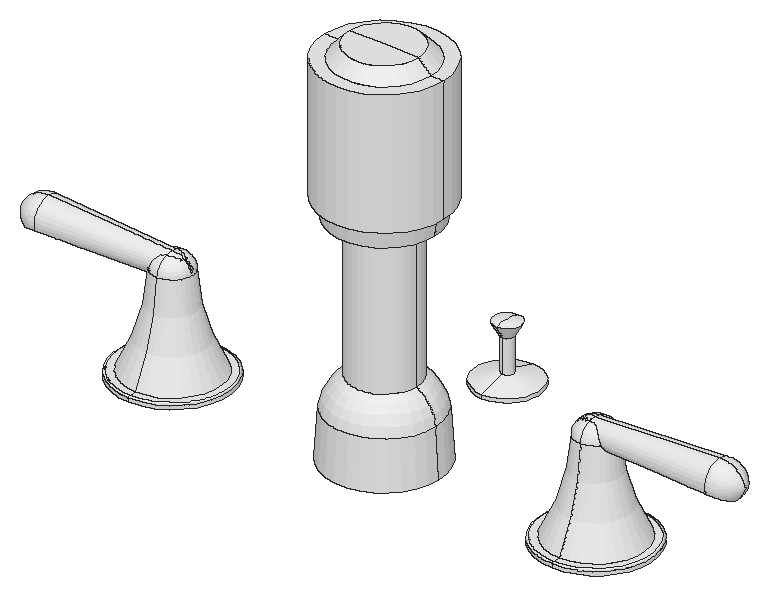
Revit family "Bidet_Two-Handle-American_Standard-Colony_Soft-3475.501", category Plumbing Fixtures, Revit 2014
Parameters (values of type "3475.501")
  Width = 13 3/4"
  Waste Connection = no
  Warranty Information = "Faucet Lifetime Function, Commercial Application (5 Years)."
  WFU = 2
  Vent Connection = no
  URL = "http://www.americanstandard-us.com/"
  Specification = "Fixture-Mounted Bidet Fitting. Vacuum breaker. Metal Speed Connect Pop-up drain. Metal lever handles."
  Revised Date = "01/23/2017"  # constant formula
  Product Page URL = "http://www.americanstandard-us.com/bathroom-faucets/colony-soft-fixture-mounted-bidet-faucet/"
  Product Documentation Link = "https://www.americanstandard-us.com/-/media/sites/asus/files/product-specs/bulk/specsheet3475501.pdf?la=en"
  Price = "Prices may vary. Please consult Manufacturer Representative for most up-to-date price list."  # constant formula
  Model = "3475.501"
  Material = "Metal-American Standard-002-Polished Chrome"
  Manufacturer = "American Standard"
  Length = 4 7/8"
  Height = 7 3/256"
  HWFU = 1.5
  HW Connection = yes
  Description = "Colony Soft Fixture-Mounted Bidet Fitting"
  Default Elevation = 0"
  Creation Date = "03/01/2014"  # constant formula
  CWFU = 1.5
  CW Connection = yes
  Assembly Code = "D2020300"
  ADA Compliant = yes
Reference planes (in)
  plane 1 "Center (Front/Back)": y = 0
  plane 2: z = 0
  plane 3 "Center (Left/Right)": x = 0
  plane 4: x = -4
  plane 5: x = 4
  plane 6: x = -6.875
  plane 7: z = 7.01172
  plane 8: x = 6.875
  plane 9: y = -1.125
  plane 10: y = 3.75
  plane 11: y = -1
  plane 12: y = 1
  plane 13: y = 0.25
  plane 14: z = 0.09906
  plane 15: y = -1
  plane 16: y = 1
  plane 17: y = 0.25
Forms (in)
  Revolve 1, solid, material "Metal-American Standard-002-Polished Chrome"
    sketch origin (0, 0, 0) x (1, 0, 0) y (0, 0, 1)
      loop
        line (0, 0) -> (0, 7.01172) -> (-0.6541, 7.01172) -> (-0.87833, 6.78749) -> (-1.12833, 6.78749) -> (-1.12833, 4.44537) -> (-1.00975, 4.44537) -> (-0.94805, 4.09542) -> (-0.61471, 4.09542) -> (-0.61471, 1.43344)
        arc (-0.61471, 1.43344) -> (-0.85352, 1.19324) -> (-0.97582, 0.87738) r 0.82584
        line (-0.97582, 0.87738) -> (-1.03717, 0) -> (0, 0)
      axis (0, 7.01172) -> (0, 0)
    angle from 0 to 360
  Revolve 2, solid, material "Metal-American Standard-002-Polished Chrome"
    sketch origin (0, -1.09375, 0) x (0, 1, 0) y (0, 0, 1)
      loop
        arc (4, 1.09465) -> (3.87376, 1.08426) -> (3.75092, 1.05336) r 0.77186
        line (3.75092, 1.05336) -> (3.8844, 0.82217) -> (3.8844, 0.20493) -> (3.40625, 0.06782) -> (3.40625, 0) -> (4, 0) -> (4, 1.09465)
      axis (4, 1.09465) -> (4, 0)
    angle from 0 to 360
  Revolve 3, solid, material "Metal-American Standard-002-Polished Chrome"
    sketch origin (4, -4, -0.89844) x (0, -1, 0) y (0, 0, -1)
      loop
        line (-4, -2.98701) -> (-4, -0.89844) -> (-5.02989, -0.89844) -> (-5.02989, -0.96628)
        arc (-5.02989, -0.96628) -> (-5.02075, -0.98835) -> (-4.99868, -0.99749) r 0.03121
        line (-4.99868, -0.99749) -> (-4.86267, -0.99749)
        arc (-4.86267, -0.99749) -> (-4.5088, -1.82557) -> (-4.36375, -2.71434) r 3.72899
        arc (-4.36375, -2.71434) -> (-4.2766, -2.90781) -> (-4.07974, -2.98701) r 0.28425
        line (-4.07974, -2.98701) -> (-4, -2.98701)
      axis (-4, -2.98701) -> (-4, -0.89844)
    angle from 0 to 360
  Revolve 4, solid, material "Metal-American Standard-002-Polished Chrome"
    sketch origin (-1.90104, 0, -1.86724) x (-1, 0, 0) y (0, 0, -1)
      loop
        arc (-8.23403, -4.09852) -> (-7.06917, -3.99804) -> (-5.90007, -3.98429) r 15.74375
        arc (-5.90007, -3.98429) -> (-5.68405, -3.92377) -> (-5.53943, -3.75228) r 0.38138
        line (-5.53943, -3.75228) -> (-8.72417, -3.75228)
        arc (-8.72417, -3.75228) -> (-8.54607, -4.0202) -> (-8.23403, -4.09852) r 0.44587
      axis (-8.72417, -3.75228) -> (-5.53943, -3.75228)
    angle from 0 to 360
  Extrusion 5, void
    sketch origin (1.94814, -0.00026, -0.68831) x (0, 1, 0) y (0, 0, -1)
      loop
        line (-0.38087, -2.47207) -> (-0.34538, -2.47207)
        arc (-0.34538, -2.47207) -> (0.00026, -2.35771) -> (0.34591, -2.47207) r 0.57951
        line (0.34591, -2.47207) -> (0.38087, -2.47207) -> (0.38087, -2.10766) -> (-0.38087, -2.10766) -> (-0.38087, -2.47207)
    from -4.77025 to -2.0824
  Revolve 6, solid, material "Metal-American Standard-002-Polished Chrome"
    sketch origin (-4, -4, -0.89844) x (0, -1, 0) y (0, 0, 1)
      loop
        line (-4, 2.98701) -> (-4.07974, 2.98701)
        arc (-4.07974, 2.98701) -> (-4.2766, 2.90781) -> (-4.36375, 2.71434) r 0.28425
        arc (-4.36375, 2.71434) -> (-4.5088, 1.82557) -> (-4.86267, 0.99749) r 3.72899
        line (-4.86267, 0.99749) -> (-4.99868, 0.99749)
        arc (-4.99868, 0.99749) -> (-5.02075, 0.98835) -> (-5.02989, 0.96628) r 0.03121
        line (-5.02989, 0.96628) -> (-5.02989, 0.89844) -> (-4, 0.89844) -> (-4, 2.98701)
      axis (-4, 2.98701) -> (-4, 0.89844)
    angle from 0 to 360
  Revolve 7, solid, material "Metal-American Standard-002-Polished Chrome"
    sketch origin (1.90104, 0, -1.86724) x (1, 0, 0) y (0, 0, 1)
      loop
        arc (-8.23403, 4.09852) -> (-8.54607, 4.0202) -> (-8.72417, 3.75228) r 0.44587
        line (-8.72417, 3.75228) -> (-5.53943, 3.75228)
        arc (-5.53943, 3.75228) -> (-5.68405, 3.92377) -> (-5.90007, 3.98429) r 0.38138
        arc (-5.90007, 3.98429) -> (-7.06917, 3.99804) -> (-8.23403, 4.09852) r 15.74375
      axis (-8.72417, 3.75228) -> (-5.53943, 3.75228)
    angle from 0 to 360
  Extrusion 8, void
    sketch origin (-1.94814, -0.00026, -0.68831) x (0, 1, 0) y (0, 0, 1)
      loop
        line (-0.38087, 2.47207) -> (-0.38087, 2.10766) -> (0.38087, 2.10766) -> (0.38087, 2.47207) -> (0.34591, 2.47207)
        arc (0.34591, 2.47207) -> (0.00026, 2.35771) -> (-0.34538, 2.47207) r 0.57951
        line (-0.34538, 2.47207) -> (-0.38087, 2.47207)
    from -4.77025 to -2.0824
Cuts and joins
  Extrusion 5, Extrusion 8 cuts Revolve 4
  Extrusion 8 cuts Revolve 3
  Extrusion 8 cuts Revolve 7
Lines and regions (in)
  Masking region 1
    outline origin (0, 0, 0) x (1, 0, 0) y (0, 1, 0)
      loop
        arc (-5.00143, 0.24044) -> (-5.70375, 0.28168) -> (-6.40381, 0.3515) r 17.26465
        arc (-6.40381, 0.3515) -> (-6.83472, 0.00212) -> (-6.40381, -0.34727) r 0.35709
        arc (-6.40381, -0.34727) -> (-5.70425, -0.27749) -> (-5.00243, -0.23625) r 17.26465
        arc (-5.00243, -0.23625) -> (-2.97011, -0.00215) -> (-5.00143, 0.24044) r 1.02989
      loop
        circle (0, 0) r 1.12833
      loop
        circle (0, 2.90625) r 0.59375
      loop
        arc (5.00143, 0.24044) -> (2.97011, -0.00215) -> (5.00243, -0.23625) r 1.02989
        arc (5.00243, -0.23625) -> (5.70425, -0.27749) -> (6.40381, -0.34727) r 17.26465
        arc (6.40381, -0.34727) -> (6.83472, 0.00212) -> (6.40381, 0.3515) r 0.35709
        arc (6.40381, 0.3515) -> (5.70375, 0.28168) -> (5.00143, 0.24044) r 17.26465
  symbolic lines, detail levels fine
    curve 1: arc (-4.8302, 0.23446, 0) -> (-3.13734, -0.0037, 0) -> (-4.83218, -0.22733, 0) r 0.86267
    curve 3: circle (0, 0, 0) r 0.6541 normal (0, 0, 1)
    curve 4: arc (4.8302, 0.23446, 0) -> (3.13734, -0.0037, 0) -> (4.83218, -0.22733, 0) r 0.86267
    curve 5: circle (0, 2.90625, 0) r 0.24908 normal (0, 0, -1)
  symbolic lines, detail levels medium+fine
    curve 2: circle (0, 0, 0) r 0.87833 normal (0, 0, 1)
    curve 6: arc (-4.29974, -0.19942, 0) -> (-3.64012, -0.00986, 0) -> (-4.28837, 0.21554, 0) r 0.36002
    curve 7: line (-5.00143, 0.24044, 0) -> (-4.28837, 0.21554, 0)
    curve 8: line (-5.00243, -0.23625, 0) -> (-4.29974, -0.19942, 0)
    curve 9: arc (4.29974, -0.19942, 0) -> (3.64012, -0.00986, 0) -> (4.28837, 0.21554, 0) r 0.36002
    curve 10: line (5.00143, 0.24044, 0) -> (4.28837, 0.21554, 0)
    curve 11: line (5.00243, -0.23625, 0) -> (4.29974, -0.19942, 0)
Dimensions and locks (in)
  "Height": plane 7 to level
  plane 4 to plane 5 = 8"
  "Width": plane 6 to plane 8
Automatic sketch dimensions
  Revolve 1 sketch curve to level = 0"
  Revolve 1 sketch curve to plane 7 = 0"
  Revolve 1 sketch curve to plane 3 "Center (Left/Right)" = 0"  (x2)
  Revolve 1 sketch curve to plane 3 "Center (Left/Right)" = 0.16091"
  Revolve 1 sketch curve to plane 3 "Center (Left/Right)" = 0.61471"
  Revolve 1 sketch curve to Revolve 1 sketch curve = 0.6541"
  plane 7 to Revolve 1 sketch curve = 0.22423"
  Revolve 1 sketch curve to Revolve 1 sketch curve = 0.22423"
  Revolve 1 sketch curve to Revolve 1 sketch curve = 0.33334"
  Revolve 1 sketch curve to Revolve 1 sketch curve = 0.36111"
  Revolve 1 sketch curve to Revolve 1 sketch curve = 0.06171"
  Revolve 1 sketch curve to Revolve 1 sketch curve = 0.06135"
  Revolve 1 sketch curve to Revolve 1 sketch curve = 0.11858"
  plane 14 to Revolve 1 sketch curve = 0.6444"
  plane 14 to Revolve 1 sketch curve = 0.77833"
  Revolve 1 sketch curve to Revolve 1 sketch curve = 2.66198"
  Revolve 1 sketch curve to Revolve 1 sketch curve = 0.34995"
  Revolve 1 sketch curve to Revolve 1 sketch curve = 2.24361"
  Revolve 1 sketch curve to Revolve 1 sketch curve = 0.58902"
  Revolve 3 sketch curve to level = 0"
  Revolve 3 sketch curve to plane 14 = 0"
  Revolve 3 sketch curve to plane 1 "Center (Front/Back)" = 0"  (x2)
  Revolve 3 sketch curve to plane 1 "Center (Front/Back)" = 0.07974"
  Revolve 3 sketch curve to plane 12 = 0.13733"
  Revolve 3 sketch curve to plane 12 = 0.00132"
  plane 12 to Revolve 3 sketch curve = 0.02989"
  Revolve 3 sketch curve to plane 10 = 0.33965"
  plane 14 to Revolve 3 sketch curve = 1.70527"
  plane 14 to Revolve 3 sketch curve = 1.86868"
  Revolve 3 sketch curve to Revolve 3 sketch curve = 0.28425"
  Revolve 3 sketch curve to Revolve 3 sketch curve = 0.76299"
  Revolve 3 sketch curve to Revolve 3 sketch curve = 3/4"
  Revolve 4 sketch curve to plane 8 = 0.05186"
  Revolve 4 sketch curve to Revolve 4 sketch curve = 0.43535"
  plane 5 to Revolve 4 sketch curve = 0.3985"
  Revolve 4 sketch curve to plane 5 = 0.01064"
  Revolve 4 sketch curve to plane 5 = 0.36161"
  Revolve 4 sketch curve to plane 7 = 10.84401"
  plane 14 to Revolve 4 sketch curve = 1.78598"
  Revolve 4 sketch curve to Revolve 4 sketch curve = 0.09624"  (x2)
  Revolve 4 sketch curve to Revolve 4 sketch curve = 0.14924"
  Revolve 4 sketch curve to Revolve 4 sketch curve = 0.15858"
  Revolve 4 sketch curve to Revolve 4 sketch curve = 0"
  Revolve 4 sketch curve to Revolve 4 sketch curve = 0.19481"
  Extrusion 5 sketch curve to plane 1 "Center (Front/Back)" = 0"
  plane 1 "Center (Front/Back)" to Extrusion 5 sketch curve = 0.34564"
  Extrusion 5 sketch curve to Extrusion 5 sketch curve = 0.03549"
  Extrusion 5 sketch curve to plane 1 "Center (Front/Back)" = 0.34564"
  Extrusion 5 sketch curve to Extrusion 5 sketch curve = 0.03496"
  plane 14 to Extrusion 5 sketch curve = 2.14985"
  Extrusion 5 sketch curve to Extrusion 5 sketch curve = 0.46515"
  Extrusion 5 sketch curve to Extrusion 5 sketch curve = 0.36441"
  Revolve 6 sketch curve to level = 0"
  Revolve 6 sketch curve to plane 14 = 0"
  Revolve 6 sketch curve to plane 1 "Center (Front/Back)" = 0"  (x2)
  Revolve 6 sketch curve to plane 1 "Center (Front/Back)" = 0.07974"
  Revolve 6 sketch curve to plane 16 = 0.13733"
  Revolve 6 sketch curve to plane 16 = 0.00132"
  plane 16 to Revolve 6 sketch curve = 0.02989"
  Revolve 6 sketch curve to plane 10 = 0.33965"
  plane 14 to Revolve 6 sketch curve = 1.70527"
  plane 14 to Revolve 6 sketch curve = 1.86868"
  Revolve 6 sketch curve to Revolve 6 sketch curve = 0.28425"
  Revolve 6 sketch curve to Revolve 6 sketch curve = 0.76299"
  Revolve 6 sketch curve to Revolve 6 sketch curve = 3/4"
  Revolve 7 sketch curve to plane 6 = 0.05186"
  Revolve 7 sketch curve to Revolve 7 sketch curve = 0.43535"
  plane 4 to Revolve 7 sketch curve = 0.3985"
  Revolve 7 sketch curve to plane 4 = 0.01064"
  Revolve 7 sketch curve to plane 4 = 0.36161"
  plane 14 to Revolve 7 sketch curve = 1 163/256"
  plane 14 to Revolve 7 sketch curve = 1.68974"
  Revolve 7 sketch curve to Revolve 7 sketch curve = 0.14924"
  Revolve 7 sketch curve to plane 7 = 10.84401"
  Revolve 7 sketch curve to Revolve 7 sketch curve = 0.15858"
  Revolve 7 sketch curve to Revolve 7 sketch curve = 0"
  Revolve 7 sketch curve to Revolve 7 sketch curve = 0.19481"
  Revolve 7 sketch curve to Revolve 7 sketch curve = 0.09624"
  Extrusion 8 sketch curve to plane 1 "Center (Front/Back)" = 0"
  plane 1 "Center (Front/Back)" to Extrusion 8 sketch curve = 0.34564"
  Extrusion 8 sketch curve to Extrusion 8 sketch curve = 0.03549"
  Extrusion 8 sketch curve to plane 1 "Center (Front/Back)" = 0.34564"
  Extrusion 8 sketch curve to Extrusion 8 sketch curve = 0.03496"
  plane 14 to Extrusion 8 sketch curve = 1 41/128"
  Extrusion 8 sketch curve to Extrusion 8 sketch curve = 0.36441"
  Extrusion 8 sketch curve to Extrusion 8 sketch curve = 0.46515"
  Revolve 2 sketch curve to level = 0"
  Revolve 2 sketch curve to plane 14 = 1/32"
  plane 10 to Revolve 2 sketch curve = 1 7/16"
  plane 10 to Revolve 2 sketch curve = 1.09283"
  Revolve 2 sketch curve to Revolve 2 sketch curve = 0.24908"
  plane 14 to Revolve 2 sketch curve = 0.22374"
  Revolve 2 sketch curve to Revolve 2 sketch curve = 0.73056"
  Revolve 2 sketch curve to Revolve 2 sketch curve = 0.1156"
  Revolve 2 sketch curve to Revolve 2 sketch curve = 0"
  Revolve 2 sketch curve to Revolve 2 sketch curve = 0.16148"
  Revolve 2 sketch curve to Revolve 2 sketch curve = 0.47279"
  plane 14 to Revolve 2 sketch curve = 0.10587"
  Revolve 2 sketch curve to Revolve 2 sketch curve = 0.23119"
  plane 1 "Center (Front/Back)" to Masking region 1 sketch curve = 0"  (x3)
  Masking region 1 sketch curve to plane 4 = 0"
  Masking region 1 sketch curve to plane 3 "Center (Left/Right)" = 0"  (x2)
  Masking region 1 sketch curve to plane 5 = 0"
  plane 4 to Masking region 1 sketch curve = 0.34084"  (x2)
  Masking region 1 sketch curve to plane 1 "Center (Front/Back)" = 0.00212"  (x2)
  Masking region 1 sketch curve to plane 6 = 0.39737"
  plane 5 to Masking region 1 sketch curve = 0.34084"  (x2)
  Masking region 1 sketch curve to plane 8 = 0.39737"
  Masking region 1 sketch curve to plane 9 = 16.36322"
  Masking region 1 sketch curve to Masking region 1 sketch curve = 0"  (x2)
  plane 10 to Masking region 1 sketch curve = 27/32"
  Masking region 1 sketch curve to plane 10 = 13.74245"
  Masking region 1 sketch curve to plane 1 "Center (Front/Back)" = 0.24044"  (x2)
  plane 4 to Masking region 1 sketch curve = 1.00143"
  plane 1 "Center (Front/Back)" to Masking region 1 sketch curve = 0.23625"  (x2)
  plane 1 "Center (Front/Back)" to Masking region 1 sketch curve = 0.34727"  (x2)
  plane 5 to Masking region 1 sketch curve = 1.00143"
  curve 1 to curve 6 = 0"  (x2)
  curve 2 to curve 3 = 0"  (x2)
  curve 4 to curve 9 = 0"  (x2)
  plane 1 "Center (Front/Back)" to curve 1 = 0"
  curve 1 to plane 4 = 0"
  plane 1 "Center (Front/Back)" to curve 3 = 0"
  curve 3 to plane 3 "Center (Left/Right)" = 0"
  curve 5 to plane 3 "Center (Left/Right)" = 0"
  plane 1 "Center (Front/Back)" to curve 4 = 0"
  curve 4 to plane 5 = 0"
  plane 4 to curve 7 = 0.28837"
  plane 4 to curve 8 = 0.29974"
  plane 5 to curve 10 = 0.28837"
  plane 5 to curve 11 = 0.29974"
  plane 1 "Center (Front/Back)" to curve 8 = 0.19942"
  plane 1 "Center (Front/Back)" to curve 11 = 0.19942"
  plane 10 to curve 5 = 27/32"
  curve 1 to curve 7 = 0.54183"
  plane 1 "Center (Front/Back)" to curve 1 = 0.22733"
  curve 1 to curve 1 = 0.00198"
  curve 7 to plane 1 "Center (Front/Back)" = 0.24044"
  plane 1 "Center (Front/Back)" to curve 8 = 0.23625"
  curve 10 to curve 4 = 0.54183"
  plane 1 "Center (Front/Back)" to curve 4 = 0.22733"
  curve 4 to curve 4 = 0.00198"
  curve 10 to plane 1 "Center (Front/Back)" = 0.24044"
  plane 1 "Center (Front/Back)" to curve 11 = 0.23625"
  radius of Masking region 1 sketch curve = 1.12833"
  radius of Masking region 1 sketch curve = 19/32"
  radius of curve 2 = 0.87833"
  radius of curve 3 = 0.6541"
  radius of curve 5 = 0.24908"
Connectors (in)
  piping at (4, 0, 0), diameter 0.5, driven by "CWFU"
    settings: on cut or joined group of Revolve 3, Extrusion 8, index 1, connector inside diameter 24", connector length 0", flow factor 0, pipe flow 0 GPM, pressure drop 0.00 psi, fitting loss kfactor 0, connector angle 0.00°, fixture units 1.5, engagement length 0", angle of deflection 0.00°, flow configuration 3, flow direction 1, fitting loss method 0, system type 20, joint type 0, gender type 0, connector reference index -1, connector utility 0, adjustable connector no, is connector primary yes, connector description "1/2\" CW Supply Inlet"
  piping at (-4, 0, 0), diameter 0.5, driven by "HWFU"
    settings: on Revolve 6, index 2, connector inside diameter 24", connector length 0", flow factor 0, pipe flow 0 GPM, pressure drop 0.00 psi, fitting loss kfactor 0, connector angle 0.00°, fixture units 1.5, engagement length 0", angle of deflection 0.00°, flow configuration 3, flow direction 1, fitting loss method 0, system type 19, joint type 0, gender type 0, connector reference index -1, connector utility 0, adjustable connector no, is connector primary no, connector description "1/2\" HW Supply Inlet"
